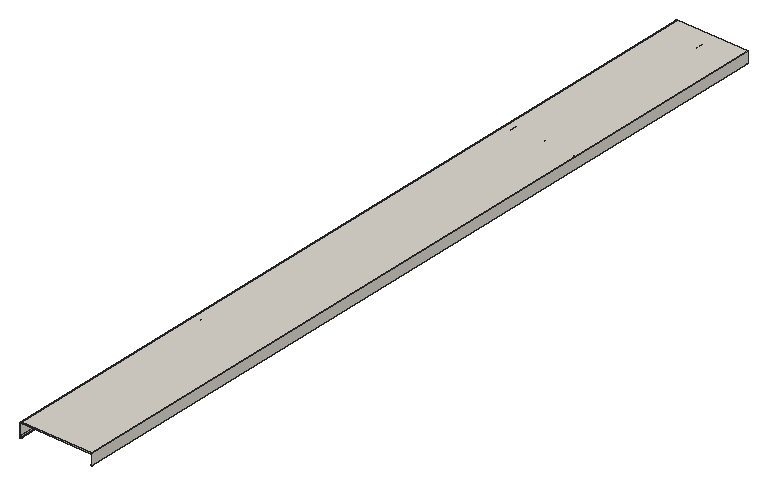
Revit family "AT350", category 一般モデル, Revit 2020
Family settings
  鉄筋をホスト可能 = いいえ
  丸型コネクタ寸法 = 直径を使用
  パーツ タイプ = 標準
  作業面ベース = いいえ
  常に垂直 = はい
  ロード時にボイドで切り取り = いいえ
  共有 = いいえ
  部屋計算ポイント = いいえ
Parameters
  色 = アルミ ステンカラー  陽極酸化塗装複合皮膜
  笠木長さ = 4000 mm
  既定の高さ = 0 mm
  定尺笠木長さ = 4000 mm
  固定金具数 = 5
  判定 = if(笠木長さ > 4000 mm, 定尺笠木長さ, 笠木長さ)  # 4000 mm
Reference planes
  plane 1 "中心(正面/背面)": y = 0
  plane 2: z = 0
  plane 3 "中心(左/右)": x = 0
  plane 4: y = -4000
  plane 5: y = -100
  plane 6: y = -3900
Forms (mm)
  Extrusion 1, solid, material "アルミ ステンカラー  陽極酸化塗装複合皮膜" <- "色"
    sketch origin (0, 0, 0) x (1, 0, 0) y (0, 0, 1)
      loop
        arc (-175, -40.454) -> (-174.854, -40.808) -> (-174.5, -40.954) r 0.5
        line (-174.5, -40.954) -> (-168.5, -40.954)
        arc (-168.5, -40.954) -> (-168.146, -40.808) -> (-168, -40.454) r 0.5
        line (-168, -40.454) -> (-168, -37.754)
        arc (-168, -37.754) -> (-168.146, -37.401) -> (-168.5, -37.254) r 0.5
        line (-168.5, -37.254) -> (-172, -37.254) -> (-172, -32.254) -> (-172.7, -27.233) -> (-172.7, 24.688)
        arc (-172.7, 24.688) -> (-172.083, 26.133) -> (-170.614, 26.686) r 2
        line (-170.614, 26.686) -> (170.786, 11.926)
        arc (170.786, 11.926) -> (172.144, 11.311) -> (172.7, 9.928) r 2
        line (172.7, 9.928) -> (172.7, -27.254) -> (172, -32.275) -> (172, -37.254) -> (168.5, -37.254)
        arc (168.5, -37.254) -> (168.146, -37.401) -> (168, -37.754) r 0.5
        line (168, -37.754) -> (168, -40.454)
        arc (168, -40.454) -> (168.146, -40.808) -> (168.5, -40.954) r 0.5
        line (168.5, -40.954) -> (174.5, -40.954)
        arc (174.5, -40.954) -> (174.854, -40.808) -> (175, -40.454) r 0.5
        line (175, -40.454) -> (175, 11.173)
        arc (175, 11.173) -> (174.167, 13.248) -> (172.13, 14.17) r 3
        line (172.13, 14.17) -> (-171.87, 29.043)
        arc (-171.87, 29.043) -> (-174.075, 28.212) -> (-175, 26.046) r 3
        line (-175, 26.046) -> (-175, -40.454)
    from 0 to 4000
Dimensions and locks
  "判定": plane 1 "中心(正面/背面)" to plane 4
  "笠木長さ": plane 4 to plane 1 "中心(正面/背面)"
  Extrusion 1 to Extrusion 1 = 350 mm
  Extrusion 1 to plane 3 "中心(左/右)" to Extrusion 1 = 175 mm, 175 mm
  level to Extrusion 1 = 40.954 mm
  locked: plane 5 to plane 1 "中心(正面/背面)" at 100
  locked: plane 6 to plane 4 at 100
  aligned and locked: level to plane 2
Automatic sketch dimensions
  Extrusion 1 sketch curve to level = 40.454 mm
  Extrusion 1 sketch curve to plane 3 "中心(左/右)" = 175 mm
  Extrusion 1 sketch curve to Extrusion 1 sketch curve = 0.5 mm  (x4)
  Extrusion 1 sketch curve to level = 27.233 mm
  Extrusion 1 sketch curve to Extrusion 1 sketch curve = 1.8 mm
  Extrusion 1 sketch curve to Extrusion 1 sketch curve = 0.7 mm  (x2)
  level to Extrusion 1 sketch curve = 29.043 mm
  Extrusion 1 sketch curve to Extrusion 1 sketch curve = 0.13 mm
  Extrusion 1 sketch curve to Extrusion 1 sketch curve = 1.3 mm
  level to Extrusion 1 sketch curve = 26.686 mm
  Extrusion 1 sketch curve to Extrusion 1 sketch curve = 1.386 mm
  Extrusion 1 sketch curve to Extrusion 1 sketch curve = 3.5 mm  (x2)
  Extrusion 1 sketch curve to Extrusion 1 sketch curve = 0 mm
  Extrusion 1 sketch curve to level = 37.754 mm
  plane 3 "中心(左/右)" to Extrusion 1 sketch curve = 168 mm
  level to Extrusion 1 sketch curve = 9.928 mm
  Extrusion 1 sketch curve to Extrusion 1 sketch curve = 2.2 mm
  level to Extrusion 1 sketch curve = 11.926 mm
  Extrusion 1 sketch curve to Extrusion 1 sketch curve = 0.086 mm
  Extrusion 1 sketch curve to Extrusion 1 sketch curve = 1.214 mm
  level to Extrusion 1 sketch curve = 14.17 mm
  Extrusion 1 sketch curve to Extrusion 1 sketch curve = 1.343 mm
  Extrusion 1 sketch curve to Extrusion 1 sketch curve = 2.5 mm
  Extrusion 1 sketch curve to Extrusion 1 sketch curve = 2.3 mm
  Extrusion 1 sketch curve to Extrusion 1 sketch curve = 3.7 mm
  Extrusion 1 sketch curve to Extrusion 1 sketch curve = 2.7 mm
  Extrusion 1 sketch curve to Extrusion 1 sketch curve = 4.979 mm
  Extrusion 1 sketch curve to Extrusion 1 sketch curve = 5 mm
  Extrusion 1 sketch curve to Extrusion 1 sketch curve = 5.021 mm
Nested families
  nested 1: "AT350固定金具" at (1.25, -75, 0), type "AT350固定金具"
  nested 2: "AT350固定金具" at (1.25, -3875, 0), type "AT350固定金具"
  nested 3: "AT350固定金具" at (1.25, -1025, 0), type "AT350固定金具"
  nested 4: "AT350固定金具" at (1.25, -1975, 0), type "AT350固定金具"
  nested 5: "AT350固定金具" at (1.25, -2925, 0), type "AT350固定金具"
Definition of nested family "AT350固定金具"
  Parameters (values of type "AT350固定金具")
    Default Elevation = 0 mm
  Reference planes
    plane 1 "中心(正面/背面)": y = 0
    plane 2: z = 0
    plane 3 "中心(左/右)": x = 0
  Forms (mm)
    Extrusion 1, solid
      sketch origin (0, 0, 0) x (1, 0, 0) y (0, 0, 1)
        loop
          line (-173.75, -37.5) -> (-171.251, -37.5) -> (-171.244, -35.231) -> (-160.45, 19.283) -> (-143.345, 18.207) -> (-143.381, 0) -> (143.65, 0) -> (143.65, 6.315) -> (157.831, 5.722) -> (168.35, -31.991) -> (168.35, -37.5) -> (170.841, -37.5) -> (170.841, -30.465) -> (160.85, 10.1) -> (138.85, 11.02) -> (138.85, 4.6) -> (123.946, 6.06) -> (-0.5, 6.06) -> (-0.5, 14.538) -> (8.55, 14.158) -> (8.55, 16.16) -> (-11.45, 17) -> (-11.45, 14.998) -> (-2.4, 14.618) -> (-2.4, 6.1) -> (-126.45, 6.1) -> (-138.753, 4.599) -> (-138.753, 22.527) -> (-163.75, 24.1) -> (-173.75, -32.526) -> (-173.75, -37.5)
      from 0 to 50
  Dimensions and locks
    aligned and locked: level to plane 2
